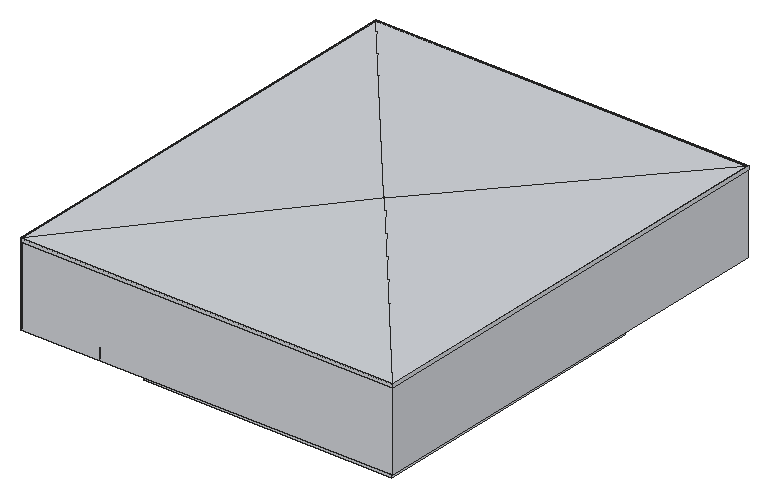
Revit family "GEV", category Mechanical Equipment, Revit 2015
Parameters
  URL = "https://unitedenertech.com/catalog/pdf/Sizing%20chart%20for%20Gev,Giv%20hoods.pdf"
  Type Comments = "Max. Size is 60\" x 120\". See Website for Submittal as URL Line contains Sizing Charts."
  Roof Width [instance] = C + 0' 0 31/256"  # 4' - 4 31/256"
  Roof Length [instance] = D + 0' 0 31/256"  # 5' - 2 31/256"
  Model = "GEV"
  Manufacturer = "United Enertech Corporation"
  Keynote = "Select Throat Size as Required and See Charts Linked to the URL Line Below to Fill in Appropriate C, D, and E Values for the Ratio Required."
  E = 0' - 11 1/2"
  Description = "Gravity Exhaust Ventilator Hood"
  D = 5' - 2"
  C = 4' - 4"
  B = 3' - 0"
  Angle Length [instance] = D - 0' 0 31/256"  # 5' - 1 225/256"
  A = 2' - 6"
Reference planes (in)
  plane 1 "Center (Front/Back)": y = 0
  plane 2: z = 0
  plane 3 "Center (Left/Right)": x = 0
  plane 4: y = 18
  plane 5: y = -18
  plane 6: x = -15
  plane 7: x = 15
  plane 8: x = -26
  plane 9: x = 26
  plane 10: y = -31
  plane 11: y = 31
  plane 12: z = 8
  plane 13: z = 19.5
  plane 14: z = 8.0598
  plane 15: z = 8.1196
  plane 16: z = 8.1794
  plane 17: x = -25.9402
  plane 18: y = 30.9402
  plane 19: x = 25.9402
  plane 20: y = -30.9402
Forms (in)
  Extrusion 1, solid, material "Steel, Galvanized"
    sketch origin (0, 0, 0) x (1, 0, 0) y (0, 1, 0)
      loop
        line (-15, 18) -> (-15, -18) -> (15, -18) -> (15, 18) -> (-15, 18)
      loop
        line (-25.9402, 30.9402) -> (-25.9402, -30.9402) -> (25.9402, -30.9402) -> (25.9402, 30.9402) -> (-25.9402, 30.9402)
    from 8.1196 to 8.1794
Dimensions and locks (in)
  equal spacing: plane 6, plane 3 "Center (Left/Right)", plane 7
  "A": plane 6 to plane 7
  equal spacing: plane 4, plane 1 "Center (Front/Back)", plane 5
  "B": plane 4 to plane 5
  equal spacing: plane 8, plane 3 "Center (Left/Right)", plane 9
  "C": plane 8 to plane 9
  equal spacing: plane 11, plane 1 "Center (Front/Back)", plane 10
  "D": plane 11 to plane 10
  locked: plane 12 to level at 8
  "E": plane 13 to plane 12
  locked: plane 14 to plane 12 at 0.0598
  locked: plane 15 to plane 14 at 0.0598
  locked: plane 16 to plane 15 at 0.0598
  locked: plane 8 to plane 17 at 0.0598
  locked: plane 19 to plane 9 at 0.0598
  locked: plane 11 to plane 18 at 0.0598
  locked: plane 10 to plane 20 at 0.0598
  aligned and locked: level to plane 2
  aligned and locked: plane 3 "Center (Left/Right)" to nested 1
  aligned and locked: nested 2 to plane 3 "Center (Left/Right)"
  aligned and locked: plane 1 "Center (Front/Back)" to nested 3
  aligned and locked: nested 2 to plane 5
  aligned and locked: nested 1 to plane 4
  aligned and locked: nested 3 to plane 7
  aligned and locked: nested 4 to plane 1 "Center (Front/Back)"
  aligned and locked: nested 4 to plane 6
  aligned and locked: level to nested 4
  aligned and locked: nested 3 to level
  aligned and locked: level to nested 2
  aligned and locked: nested 1 to level
  aligned and locked: plane 1 "Center (Front/Back)" to nested 5
  aligned and locked: plane 3 "Center (Left/Right)" to nested 6
  aligned and locked: nested 6 to plane 12
  aligned and locked: nested 6 to plane 11
  aligned and locked: plane 6 to nested 5
  aligned and locked: nested 8 to plane 1 "Center (Front/Back)"
  aligned and locked: plane 7 to nested 8
  aligned and locked: nested 5 to plane 16
  aligned and locked: plane 16 to nested 8
  aligned and locked: nested 9 to plane 3 "Center (Left/Right)"
  aligned and locked: plane 12 to nested 9
  aligned and locked: nested 9 to plane 10
  aligned and locked: plane 1 "Center (Front/Back)" to nested 7
  aligned and locked: nested 7 to plane 12
  aligned and locked: nested 7 to plane 9
  aligned and locked: plane 12 to nested 10
  aligned and locked: nested 10 to plane 8
  aligned and locked: Extrusion 1 sketch curve to plane 18
  aligned and locked: Extrusion 1 sketch curve to plane 17
  aligned and locked: Extrusion 1 sketch curve to plane 19
  aligned and locked: Extrusion 1 sketch curve to plane 20
  aligned and locked: plane 5 to Extrusion 1 sketch curve
  aligned and locked: Extrusion 1 sketch curve to plane 4
  aligned and locked: plane 6 to Extrusion 1 sketch curve
  aligned and locked: Extrusion 1 sketch curve to plane 7
  aligned and locked: plane 16 to Extrusion 1
  aligned and locked: Extrusion 1 to plane 15
  aligned and locked: plane 1 "Center (Front/Back)" to nested 11
  aligned and locked: plane 3 "Center (Left/Right)" to nested 11
  aligned and locked: nested 11 to plane 13
Nested families (in)
  nested 1: "Base Side 1" at (0, 20.375, 0), type "Base Side 1"
    with Length 2' - 6"
  nested 2: "Base Side 1" at (0, -20.375, 0), type "Base Side 1"
    with Length 2' - 6"
  nested 3: "Base Side 2" at (17.375, 0, 0) x (0, -1, 0) z (0, 0, 1), type "Base Side 2"
    with Length 3' - 0"
  nested 4: "Base Side 2" at (-17.375, 0, 0) x (0, -1, 0) z (0, 0, 1), type "Base Side 2"
    with Length 3' - 0"
  nested 5: "Angles" at (-15, 0, 8.1794), type "Angles"
    with Length 5' - 1 225/256"
  nested 6: "Hood Side 1" at (0, 31, 8), type "Hood Side 1"
    with Length 4' - 4", E 0' - 11 1/2"
  nested 7: "Hood Side 2" at (26, 0, 8) x (0, -1, 0) z (0, 0, 1), type "Hood Side 2"
    with Length 5' - 2", E 0' - 11 1/2"
  nested 8: "Angles" at (15, 0, 8.1794) x (-1, 0, 0) z (0, 0, 1), type "Angles"
    with Length 5' - 1 225/256"
  nested 9: "Hood Side 1" at (0, -31, 8), type "Hood Side 1"
    with Length 4' - 4", E 0' - 11 1/2"
  nested 10: "Hood Side 2" at (-26, 0, 8) x (0, -1, 0) z (0, 0, 1), type "Hood Side 2"
    with Length 5' - 2", E 0' - 11 1/2"
  nested 11: "Roof" at (0, 0, 19.5), type "Roof"
    with Width 4' - 4 31/256", Length 5' - 2 31/256"
Definition of nested family "Base Side 1"
  Parameters (values of type "Base Side 1")
    Length = 4' - 0"
  Reference planes (in)
    plane 1 "Center (Front/Back)": y = 0
    plane 2: z = 0
    plane 3 "Center (Left/Right)": x = 0
    plane 4: z = 2
    plane 5: z = 1.8954
    plane 6: y = -0.1046
    plane 7: z = 8
    plane 8: y = -2.375
    plane 9: y = -2.2704
    plane 10: x = -24
    plane 11: x = 24
    plane 12: x = -26.375
    plane 13: x = 26.375
  Forms (in)
    Extrusion 1, solid
      sketch origin (0, 0, 0) x (0, 1, 0) y (0, 0, 1)
        loop
          line (0, 0) -> (0, 2) -> (-2.2704, 2) -> (-2.2704, 8) -> (-2.375, 8) -> (-2.375, 1.8954) -> (-0.1046, 1.8954) -> (-0.1046, 0) -> (0, 0)
      from -26.375 to 26.375
    Extrusion 2, void
      sketch origin (10.16611, 2.94569, 0) x (1, 0, 0) y (0, 1, 0)
        loop
          line (-49.16611, -5.32069) -> (-34.16611, -5.32069) -> (-49.16611, 9.67931) -> (-49.16611, -5.32069)
      from 0 to 12
    Extrusion 3, void
      sketch origin (-10.16611, 2.94569, 0) x (-1, 0, 0) y (0, -1, 0)
        loop
          line (-49.16611, 5.32069) -> (-49.16611, -9.67931) -> (-34.16611, 5.32069) -> (-49.16611, 5.32069)
      from 0 to 12
  Cuts and joins
    Extrusion 2, Extrusion 3 cuts Extrusion 1
  Dimensions and locks (in)
    locked: plane 4 to level at 2
    locked: plane 4 to plane 5 at 0.1046
    locked: plane 1 "Center (Front/Back)" to plane 6 at 0.1046
    locked: plane 7 to plane 4 at 6
    locked: plane 9 to plane 8 at 0.1046
    locked: plane 1 "Center (Front/Back)" to plane 8 at 2.375
    equal spacing: plane 10, plane 3 "Center (Left/Right)", plane 11
    "Length": plane 10 to plane 11
    locked: plane 12 to plane 10 at 2.375
    locked: plane 11 to plane 13 at 2.375
    aligned and locked: level to plane 2
    aligned and locked: Extrusion 1 sketch curve to plane 7
    aligned and locked: plane 9 to Extrusion 1 sketch curve
    aligned and locked: Extrusion 1 sketch curve to plane 8
    aligned and locked: plane 5 to Extrusion 1 sketch curve
    aligned and locked: Extrusion 1 sketch curve to plane 4
    aligned and locked: level to Extrusion 1 sketch curve
    aligned and locked: plane 6 to Extrusion 1 sketch curve
    aligned and locked: plane 1 "Center (Front/Back)" to Extrusion 1 sketch curve
    aligned and locked: plane 12 to Extrusion 1
    aligned and locked: plane 13 to Extrusion 1
  Automatic sketch dimensions
    plane 8 to Extrusion 2 sketch curve = 0' - 0"
    Extrusion 2 sketch curve to plane 10 = 0' - 0"
    plane 12 to Extrusion 2 sketch curve = 1' - 0 5/8"
    Extrusion 2 sketch curve to plane 1 "Center (Front/Back)" = 1' - 0 5/8"
    plane 8 to Extrusion 3 sketch curve = 0' - 0"
    Extrusion 3 sketch curve to plane 11 = 0' - 0"
    Extrusion 3 sketch curve to plane 13 = 1' - 0 5/8"
    plane 1 "Center (Front/Back)" to Extrusion 3 sketch curve = 1' - 0 5/8"
Definition of nested family "Base Side 2"
  Parameters (values of type "Base Side 2")
    Length = 4' - 0"
  Reference planes (in)
    plane 1 "Center (Front/Back)": y = 0
    plane 2: z = 0
    plane 3 "Center (Left/Right)": x = 0
    plane 4: z = 2
    plane 5: z = 1.8954
    plane 6: y = -0.1046
    plane 7: z = 8
    plane 8: y = -2.375
    plane 9: y = -2.2704
    plane 10: x = -24
    plane 11: x = 24
    plane 12: x = -26.375
    plane 13: x = 26.375
  Forms (in)
    Extrusion 1, solid
      sketch origin (0, 0, 0) x (0, 1, 0) y (0, 0, 1)
        loop
          line (0, 0) -> (0, 2) -> (-2.2704, 2) -> (-2.2704, 8) -> (-2.375, 8) -> (-2.375, 1.8954) -> (-0.1046, 1.8954) -> (-0.1046, 0) -> (0, 0)
      from -26.375 to 26.375
    Extrusion 2, void
      sketch origin (10.16611, 2.94569, 0) x (1, 0, 0) y (0, 1, 0)
        loop
          line (-49.16611, -5.32069) -> (-34.16611, -5.32069) -> (-49.16611, 9.67931) -> (-49.16611, -5.32069)
      from 0 to 12
    Extrusion 3, void
      sketch origin (-10.16611, 2.94569, 0) x (-1, 0, 0) y (0, -1, 0)
        loop
          line (-49.16611, 5.32069) -> (-49.16611, -9.67931) -> (-34.16611, 5.32069) -> (-49.16611, 5.32069)
      from 0 to 12
  Cuts and joins
    Extrusion 2, Extrusion 3 cuts Extrusion 1
  Dimensions and locks (in)
    locked: plane 4 to level at 2
    locked: plane 4 to plane 5 at 0.1046
    locked: plane 1 "Center (Front/Back)" to plane 6 at 0.1046
    locked: plane 7 to plane 4 at 6
    locked: plane 9 to plane 8 at 0.1046
    locked: plane 1 "Center (Front/Back)" to plane 8 at 2.375
    equal spacing: plane 10, plane 3 "Center (Left/Right)", plane 11
    "Length": plane 10 to plane 11
    locked: plane 12 to plane 10 at 2.375
    locked: plane 11 to plane 13 at 2.375
    aligned and locked: level to plane 2
    aligned and locked: Extrusion 1 sketch curve to plane 7
    aligned and locked: plane 9 to Extrusion 1 sketch curve
    aligned and locked: Extrusion 1 sketch curve to plane 8
    aligned and locked: plane 5 to Extrusion 1 sketch curve
    aligned and locked: Extrusion 1 sketch curve to plane 4
    aligned and locked: level to Extrusion 1 sketch curve
    aligned and locked: plane 6 to Extrusion 1 sketch curve
    aligned and locked: plane 1 "Center (Front/Back)" to Extrusion 1 sketch curve
    aligned and locked: plane 12 to Extrusion 1
    aligned and locked: plane 13 to Extrusion 1
  Automatic sketch dimensions
    plane 8 to Extrusion 2 sketch curve = 0' - 0"
    Extrusion 2 sketch curve to plane 10 = 0' - 0"
    plane 12 to Extrusion 2 sketch curve = 1' - 0 5/8"
    Extrusion 2 sketch curve to plane 1 "Center (Front/Back)" = 1' - 0 5/8"
    plane 8 to Extrusion 3 sketch curve = 0' - 0"
    Extrusion 3 sketch curve to plane 11 = 0' - 0"
    Extrusion 3 sketch curve to plane 13 = 1' - 0 5/8"
    plane 1 "Center (Front/Back)" to Extrusion 3 sketch curve = 1' - 0 5/8"
Definition of nested family "Angles"
  Parameters (values of type "Angles")
    Length = 3' - 0"
  Reference planes (in)
    plane 1 "Center (Front/Back)": y = 0
    plane 2: z = 0
    plane 3 "Center (Left/Right)": x = 0
    plane 4: x = -1.5
    plane 5: z = 1.5
    plane 6: z = 0.125
    plane 7: x = -0.125
    plane 8: y = -18
    plane 9: y = 18
  Forms (in)
    Extrusion 1, solid
      sketch origin (0, 0, 0) x (1, 0, 0) y (0, 0, 1)
        loop
          line (-1.5, 0) -> (0, 0) -> (0, 1.5) -> (-0.125, 1.5) -> (-0.125, 0.125) -> (-1.5, 0.125) -> (-1.5, 0)
      from -18 to 18
  Dimensions and locks (in)
    locked: plane 5 to level at 1.5
    locked: plane 6 to level at 0.125
    locked: plane 4 to plane 3 "Center (Left/Right)" at 1.5
    locked: plane 3 "Center (Left/Right)" to plane 7 at 0.125
    equal spacing: plane 9, plane 1 "Center (Front/Back)", plane 8
    "Length": plane 9 to plane 8
    aligned and locked: level to plane 2
    aligned and locked: plane 3 "Center (Left/Right)" to Extrusion 1 sketch curve
    aligned and locked: plane 5 to Extrusion 1 sketch curve
    aligned and locked: Extrusion 1 sketch curve to plane 7
    aligned and locked: plane 6 to Extrusion 1 sketch curve
    aligned and locked: plane 4 to Extrusion 1 sketch curve
    aligned and locked: Extrusion 1 sketch curve to level
    aligned and locked: Extrusion 1 to plane 8
    aligned and locked: plane 9 to Extrusion 1
Definition of nested family "Hood Side 1"
  Parameters (values of type "Hood Side 1")
    Length = 2' - 0"
    E = 0' - 6"
  Reference planes (in)
    plane 1 "Center (Front/Back)": y = 0
    plane 2: z = 0
    plane 3 "Center (Left/Right)": x = 0
    plane 4: z = 6
    plane 5: y = -1
    plane 6: z = 3
    plane 7: y = -0.5
    plane 8: y = -0.0598
    plane 9: z = 0.0598
    plane 10: x = -12
    plane 11: x = 12
  Forms (in)
    Extrusion 1, solid
      sketch origin (0, 0, 0) x (0, 1, 0) y (0, 0, 1)
        loop
          line (0, 6) -> (-0.0598, 6) -> (-0.0598, 0.0598) -> (-1, 0.0598) -> (-1, 0) -> (0, 0) -> (0, 6)
      from -12 to 12
    Extrusion 2, void
      sketch origin (11.42344, 0, 0) x (1, 0, 0) y (0, 1, 0)
        loop
          line (-23.42344, 0) -> (-23.42344, -4.75) -> (-18.67344, -4.75) -> (-23.42344, 0)
      from -2.75471 to 135.97649
    Extrusion 3, void
      sketch origin (-11.42344, 0, 0) x (-1, 0, 0) y (0, -1, 0)
        loop
          line (-23.42344, 0) -> (-18.67344, 4.75) -> (-23.42344, 4.75) -> (-23.42344, 0)
      from -2.75471 to 135.97649
  Cuts and joins
    Extrusion 2, Extrusion 3 cuts Extrusion 1
  Dimensions and locks (in)
    "E": plane 4 to level
    locked: plane 1 "Center (Front/Back)" to plane 5 at 1
    equal spacing: plane 4, plane 6, level
    equal spacing: plane 1 "Center (Front/Back)", plane 7, plane 5
    locked: plane 1 "Center (Front/Back)" to plane 8 at 0.0598
    locked: plane 9 to level at 0.0598
    equal spacing: plane 10, plane 3 "Center (Left/Right)", plane 11
    "Length": plane 10 to plane 11
    aligned and locked: level to plane 2
    aligned and locked: Extrusion 1 sketch curve to plane 5
    aligned and locked: Extrusion 1 sketch curve to level
    aligned and locked: Extrusion 1 sketch curve to plane 9
    aligned and locked: plane 8 to Extrusion 1 sketch curve
    aligned and locked: Extrusion 1 sketch curve to plane 1 "Center (Front/Back)"
    aligned and locked: plane 4 to Extrusion 1 sketch curve
    aligned and locked: Extrusion 1 to plane 10
    aligned and locked: plane 11 to Extrusion 1
    aligned and locked: Extrusion 2 to plane 10
    aligned and locked: Extrusion 3 sketch curve to plane 11
  Automatic sketch dimensions
    Extrusion 2 sketch curve to plane 10 = 0' - 0"
    plane 1 "Center (Front/Back)" to Extrusion 2 sketch curve = 0' - 0"
    Extrusion 2 sketch curve to Extrusion 2 sketch curve = 0' - 4 3/4"
    Extrusion 2 sketch curve to plane 5 = 0' - 3 3/4"
    plane 1 "Center (Front/Back)" to Extrusion 3 sketch curve = 0' - 0"
    Extrusion 3 sketch curve to Extrusion 3 sketch curve = 0' - 4 3/4"
    plane 5 to Extrusion 3 sketch curve = 0' - 3 3/4"
Definition of nested family "Hood Side 2"
  Parameters (values of type "Hood Side 2")
    Length = 2' - 0"
    E = 0' - 6"
  Reference planes (in)
    plane 1 "Center (Front/Back)": y = 0
    plane 2: z = 0
    plane 3 "Center (Left/Right)": x = 0
    plane 4: z = 6
    plane 5: y = -1
    plane 6: z = 3
    plane 7: y = -0.5
    plane 8: y = -0.0598
    plane 9: z = 0.0598
    plane 10: x = -12
    plane 11: x = 12
  Forms (in)
    Extrusion 1, solid
      sketch origin (0, 0, 0) x (0, 1, 0) y (0, 0, 1)
        loop
          line (0, 6) -> (-0.0598, 6) -> (-0.0598, 0.0598) -> (-1, 0.0598) -> (-1, 0) -> (0, 0) -> (0, 6)
      from -12 to 12
    Extrusion 2, void
      sketch origin (11.42344, 0, 0) x (1, 0, 0) y (0, 1, 0)
        loop
          line (-23.42344, 0) -> (-23.42344, -4.75) -> (-18.67344, -4.75) -> (-23.42344, 0)
      from -2.75471 to 135.97649
    Extrusion 3, void
      sketch origin (-11.42344, 0, 0) x (-1, 0, 0) y (0, -1, 0)
        loop
          line (-23.42344, 0) -> (-18.67344, 4.75) -> (-23.42344, 4.75) -> (-23.42344, 0)
      from -2.75471 to 135.97649
  Cuts and joins
    Extrusion 2, Extrusion 3 cuts Extrusion 1
  Dimensions and locks (in)
    "E": plane 4 to level
    locked: plane 1 "Center (Front/Back)" to plane 5 at 1
    equal spacing: plane 4, plane 6, level
    equal spacing: plane 1 "Center (Front/Back)", plane 7, plane 5
    locked: plane 1 "Center (Front/Back)" to plane 8 at 0.0598
    locked: plane 9 to level at 0.0598
    equal spacing: plane 10, plane 3 "Center (Left/Right)", plane 11
    "Length": plane 10 to plane 11
    aligned and locked: level to plane 2
    aligned and locked: Extrusion 1 sketch curve to plane 5
    aligned and locked: Extrusion 1 sketch curve to level
    aligned and locked: Extrusion 1 sketch curve to plane 9
    aligned and locked: plane 8 to Extrusion 1 sketch curve
    aligned and locked: Extrusion 1 sketch curve to plane 1 "Center (Front/Back)"
    aligned and locked: plane 4 to Extrusion 1 sketch curve
    aligned and locked: Extrusion 1 to plane 10
    aligned and locked: plane 11 to Extrusion 1
    aligned and locked: Extrusion 2 to plane 10
    aligned and locked: Extrusion 3 sketch curve to plane 11
  Automatic sketch dimensions
    Extrusion 2 sketch curve to plane 10 = 0' - 0"
    plane 1 "Center (Front/Back)" to Extrusion 2 sketch curve = 0' - 0"
    Extrusion 2 sketch curve to Extrusion 2 sketch curve = 0' - 4 3/4"
    Extrusion 2 sketch curve to plane 5 = 0' - 3 3/4"
    plane 1 "Center (Front/Back)" to Extrusion 3 sketch curve = 0' - 0"
    Extrusion 3 sketch curve to Extrusion 3 sketch curve = 0' - 4 3/4"
    plane 5 to Extrusion 3 sketch curve = 0' - 3 3/4"
Definition of nested family "Roof"
  Parameters (values of type "Roof")
    Width = 3' - 0"
    Length = 3' - 0"
  Reference planes (in)
    plane 1 "Center (Front/Back)": y = 0
    plane 2: z = 0
    plane 3 "Center (Left/Right)": x = 0
    plane 4: x = -18
    plane 5: y = 18
    plane 6: y = -18
    plane 7: x = 18
    plane 8: z = 0.5
    plane 9: x = -0.125
    plane 10: y = 0.125
    plane 11: x = 0.125
    plane 12: y = -0.125
    plane 13: x = -17.9402
    plane 14: y = 17.9402
    plane 15: x = 17.9402
    plane 16: y = -17.9402
    plane 17: z = -0.5
  Forms (in)
    Blend 1, solid
      base sketch origin (0, 0, 0) x (1, 0, 0) y (0, 1, 0)
        loop
          line (-18, -18) -> (18, -18) -> (18, 18) -> (-18, 18) -> (-18, -18)
      top sketch origin (0, 0, 0) x (1, 0, 0) y (0, 1, 0)
        loop
          line (-0.125, -0.125) -> (0.125, -0.125) -> (0.125, 0.125) -> (-0.125, 0.125) -> (-0.125, -0.125)
      from 0 to 0.5
    Extrusion 2, solid
      sketch origin (0, 0, 0) x (1, 0, 0) y (0, 1, 0)
        loop
          line (-18, 18) -> (-18, -18) -> (18, -18) -> (18, 18) -> (-18, 18)
        loop
          line (-17.9402, 17.9402) -> (-17.9402, -17.9402) -> (17.9402, -17.9402) -> (17.9402, 17.9402) -> (-17.9402, 17.9402)
      from 0 to -0.5
  Dimensions and locks (in)
    equal spacing: plane 4, plane 3 "Center (Left/Right)", plane 7
    "Width": plane 4 to plane 7
    equal spacing: plane 5, plane 1 "Center (Front/Back)", plane 6
    "Length": plane 5 to plane 6
    locked: plane 8 to level at 0.5
    equal spacing: plane 12, plane 1 "Center (Front/Back)", plane 10
    locked: plane 12 to plane 10 at 0.25
    equal spacing: plane 9, plane 3 "Center (Left/Right)", plane 11
    locked: plane 9 to plane 11 at 0.25
    locked: plane 5 to plane 14 at 0.0598
    locked: plane 4 to plane 13 at 0.0598
    locked: plane 16 to plane 6 at 0.0598
    locked: plane 15 to plane 7 at 0.0598
    locked: level to plane 17 at 0.5
    aligned and locked: level to plane 2
    aligned and locked: plane 5 to Blend 1 sketch curve
    aligned and locked: plane 4 to Blend 1 sketch curve
    aligned and locked: plane 7 to Blend 1 sketch curve
    aligned and locked: plane 10 to Blend 1 sketch curve
    aligned and locked: Blend 1 sketch curve to plane 11
    aligned and locked: plane 12 to Blend 1 sketch curve
    aligned and locked: Blend 1 sketch curve to plane 9
    aligned and locked: Blend 1 to level
    aligned and locked: plane 8 to Blend 1
    aligned and locked: Extrusion 2 sketch curve to plane 5
    aligned and locked: Extrusion 2 sketch curve to plane 14
    aligned and locked: Extrusion 2 sketch curve to plane 4
    aligned and locked: plane 13 to Extrusion 2 sketch curve
    aligned and locked: plane 6 to Extrusion 2 sketch curve
    aligned and locked: Extrusion 2 sketch curve to plane 16
    aligned and locked: plane 15 to Extrusion 2 sketch curve
    aligned and locked: Extrusion 2 sketch curve to plane 7
    aligned and locked: level to Extrusion 2
    aligned and locked: Extrusion 2 to plane 17
  Automatic sketch dimensions
    plane 16 to Blend 1 sketch curve = 0' - 0.0598"
